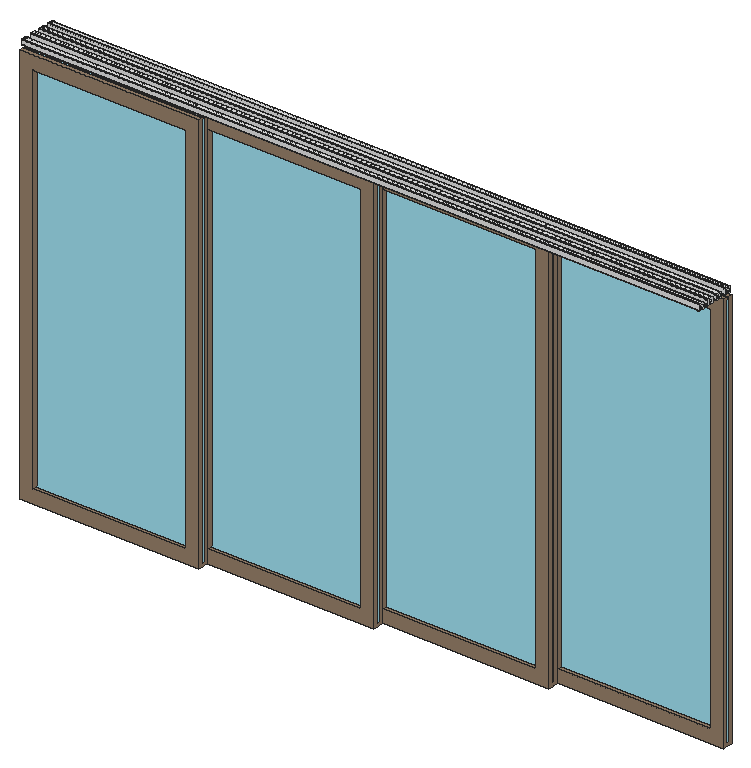
Revit family "Slido 4 Panel Slide SW4 XRDLP", category Doors, host Wall, Revit 2016
Family settings
  Host = Wall
  Always vertical = Yes
  Cut with Voids When Loaded = No
  Shared = No
  Room Calculation Point = No
Parameters (values of type "155"x 94 3/4"")
  URL = "www.raydoor.com"
  Type Image = SW4.jpg
  Thickness = 2 1/4"  # constant formula
  Rough Width = 1"  # constant formula
  Rough Height = 0"  # constant formula
  Model = "SW4"
  Function = Interior
  Door Material = Door - Panel
  Panel Material = Glass, Cast, Gray
  Height = 94 3/4"
  Trim Projection Ext = 63/64"  # constant formula
  Typ = 3"  # constant formula
  Wall Closure = By host
  Width = 155"
  Assembly Code = "SW4 XRDLP"
  Analytic Construction = "<None>"
Reference planes (in)
  plane 1: y = 0
  plane 2: z = 0
  plane 3: x = 0
  plane 4: x = -77.5
  plane 5: x = 77.5
  plane 6: z = 94.75
  plane 7: z = 92.75
  plane 8: x = 0
  plane 9: x = -1.5
  plane 10: x = 0
  plane 11: x = 1.5
  plane 12: x = -76
  plane 13: x = -74.5
  plane 14: x = 36.5
  plane 15: x = 38
  plane 16: x = 39.5
  plane 17: x = 74.5
  plane 18: x = 76
  plane 19: x = -39.5
  plane 20: x = -38
  plane 21: x = -36.5
Forms (in)
  Extrusion 1, solid, material "Door - Panel" <- "Door Material"
    sketch origin (-133.5, -4.68586, 0.25) x (1, 0, 0) y (0, 0, 1)
      loop
        line (94, 92.5) -> (94, 0.5) -> (135, 0.5) -> (135, 92.5) -> (94, 92.5)
      loop
        line (97, 89.5) -> (97, 3.5) -> (132, 3.5) -> (132, 89.5) -> (97, 89.5)
    from -4.54852 to -2.29852
  Extrusion 2, solid, material "Glass, Cast, Gray" <- "Panel Material"
    sketch origin (-97, -15.07076, 0.25) x (1, 0, 0) y (0, 0, 1)
      loop
        line (57.5, 92.5) -> (57.5, 1.375) -> (98.5, 1.375) -> (98.5, 92.5) -> (57.5, 92.5)
    from -13.93178 to -13.68342
  Extrusion 3, solid, material "Door - Panel" <- "Door Material"
    sketch origin (-57, -0.36671, 0.27383) x (1, 0, 0) y (0, 0, 1)
      loop
        line (93.5, 92.47617) -> (93.5, 0.47617) -> (134.5, 0.47617) -> (134.5, 92.47617) -> (93.5, 92.47617)
      loop
        line (96.5, 89.47617) -> (96.5, 3.47617) -> (131.5, 3.47617) -> (131.5, 89.47617) -> (96.5, 89.47617)
    from -5.23602 to -2.98602
  Extrusion 4, solid, material "Glass, Cast, Gray" <- "Panel Material"
    sketch origin (-20, -9.94721, 0.27383) x (1, 0, 0) y (0, 0, 1)
      loop
        line (56.5, 92.47617) -> (56.5, 1.35117) -> (97.5, 1.35117) -> (97.5, 92.47617) -> (56.5, 92.47617)
    from -13.81652 to -13.56816
  Extrusion 5, solid, material "UHMW, White"
    sketch origin (-41.44048, -1.08987, 94.375) x (0, -1, 0) y (1, 0, 0)
      loop
        circle (0.15931, 41.44048) r 0.125
    from -1.625 to 0.375
  Extrusion 6, void
    sketch origin (-97, -14.75826, -91) x (1, 0, 0) y (0, 0, 1)
      loop
        line (57.5, 92.625) -> (57.5, 91.75) -> (98.5, 91.75) -> (98.5, 92.625) -> (57.5, 92.625)
    from -13.61928 to -13.37092
  Extrusion 7, void
    sketch origin (-97, -11.10201, -91) x (1, 0, 0) y (0, 0, 1)
      loop
        line (133.5, 92.625) -> (133.5, 91.75) -> (174.5, 91.75) -> (174.5, 92.625) -> (133.5, 92.625)
    from -14.97133 to -14.72297
  Extrusion 8, solid, material "UHMW, White"
    sketch origin (-79.44047, 4.34113, 94.39883) x (0, -1, 0) y (1, 0, 0)
      loop
        circle (0.59599, 155.44047) r 0.125
    from -1.64883 to 0.35117
  Extrusion 9, solid, material "Door - Panel" <- "Door Material"
    sketch origin (-95, -4, 0.25) x (1, 0, 0) y (0, 0, 1)
      loop
        line (93.5, 92.5) -> (93.5, 0.5) -> (134.5, 0.5) -> (134.5, 92.5) -> (93.5, 92.5)
      loop
        line (96.5, 89.5) -> (96.5, 3.5) -> (131.5, 3.5) -> (131.5, 89.5) -> (96.5, 89.5)
    from -6.375 to -4.125
  Extrusion 10, solid, material "Glass, Cast, Gray" <- "Panel Material"
    sketch origin (-58, -12.26431, 0.25) x (1, 0, 0) y (0, 0, 1)
      loop
        line (56.5, 92.5) -> (56.5, 1.375) -> (97.5, 1.375) -> (97.5, 92.5) -> (56.5, 92.5)
    from -13.62452 to -13.37616
  Extrusion 11, solid, material "UHMW, White"
    sketch origin (0, 42.67102, -8.8393) x (0, 1, 0) y (0, 0, 1)
      loop
        line (-40.90927, 103.5893) -> (-41.93277, 103.5893) -> (-41.93277, 103.50788)
        arc (-41.93277, 103.50788) -> (-41.93277, 103.43259) -> (-41.99798, 103.47023) r 0.04347
        line (-41.99798, 103.47023) -> (-42.03755, 103.47023) -> (-42.03755, 102.31546)
        arc (-42.03755, 102.31546) -> (-42.02627, 102.28823) -> (-41.99904, 102.27695) r 0.03851
        arc (-41.99904, 102.27695) -> (-41.95713, 102.29782) -> (-41.91529, 102.2768) r 0.05233
        line (-41.91529, 102.2768) -> (-41.7174, 102.2768) -> (-41.7174, 102.35673) -> (-41.93475, 102.37574) -> (-41.96636, 102.49373) -> (-41.96636, 103.35416) -> (-41.832, 103.36591) -> (-41.832, 103.49555) -> (-41.65813, 103.49555) -> (-41.65813, 103.39872) -> (-41.59885, 103.39872) -> (-41.59885, 103.49555) -> (-41.24319, 103.49555) -> (-41.24319, 103.39872) -> (-41.18392, 103.39872) -> (-41.18392, 103.49555) -> (-41.01004, 103.49555) -> (-41.01004, 103.36591) -> (-40.87568, 103.35416) -> (-40.87568, 102.49373) -> (-40.90729, 102.37574) -> (-41.12464, 102.35673) -> (-41.12464, 102.27673) -> (-40.92672, 102.27673)
        arc (-40.92672, 102.27673) -> (-40.88484, 102.29771) -> (-40.84295, 102.27673) r 0.0523
        arc (-40.84295, 102.27673) -> (-40.8158, 102.28798) -> (-40.80455, 102.31514) r 0.0384
        line (-40.80455, 102.31514) -> (-40.80455, 103.47023) -> (-40.84407, 103.47023)
        arc (-40.84407, 103.47023) -> (-40.90927, 103.43259) -> (-40.90927, 103.50788) r 0.04347
        line (-40.90927, 103.50788) -> (-40.90927, 103.5893)
    from -77.5 to 77.5
  Extrusion 12, solid, material "UHMW, White"
    sketch origin (-41.44048, 1.65931, 94.375) x (0, -1, 0) y (1, 0, 0)
      loop
        circle (0.40931, 79.44048) r 0.125
    from -1.625 to 0.375
  Extrusion 13, void
    sketch origin (-97, -12.23248, -91) x (1, 0, 0) y (0, 0, 1)
      loop
        line (95.5, 92.625) -> (95.5, 91.75) -> (136.5, 91.75) -> (136.5, 92.625) -> (95.5, 92.625)
    from -13.59269 to -13.34433
  Extrusion 14, solid, material "UHMW, White"
    sketch origin (3, 40.17184, -8.8393) x (0, 1, 0) y (0, 0, 1)
      loop
        line (-41.24319, 103.49555) -> (-41.24319, 103.39872) -> (-41.18392, 103.39872) -> (-41.18392, 103.49555) -> (-41.01004, 103.49555) -> (-41.01004, 103.36591) -> (-40.87568, 103.35416) -> (-40.87568, 102.49373) -> (-40.90729, 102.37574) -> (-41.12464, 102.35673) -> (-41.12464, 102.27673) -> (-40.92672, 102.27673)
        arc (-40.92672, 102.27673) -> (-40.88484, 102.29771) -> (-40.84295, 102.27673) r 0.0523
        arc (-40.84295, 102.27673) -> (-40.8158, 102.28798) -> (-40.80455, 102.31514) r 0.0384
        line (-40.80455, 102.31514) -> (-40.80455, 103.47023) -> (-40.84407, 103.47023)
        arc (-40.84407, 103.47023) -> (-40.90927, 103.43259) -> (-40.90927, 103.50788) r 0.04347
        line (-40.90927, 103.50788) -> (-40.90927, 103.5893) -> (-41.93277, 103.5893) -> (-41.93277, 103.50788)
        arc (-41.93277, 103.50788) -> (-41.93277, 103.43259) -> (-41.99798, 103.47023) r 0.04347
        line (-41.99798, 103.47023) -> (-42.03755, 103.47023) -> (-42.03755, 102.31546)
        arc (-42.03755, 102.31546) -> (-42.02627, 102.28823) -> (-41.99904, 102.27695) r 0.03851
        arc (-41.99904, 102.27695) -> (-41.95713, 102.29782) -> (-41.91529, 102.2768) r 0.05233
        line (-41.91529, 102.2768) -> (-41.7174, 102.2768) -> (-41.7174, 102.35673) -> (-41.93475, 102.37574) -> (-41.96636, 102.49373) -> (-41.96636, 103.35416) -> (-41.832, 103.36591) -> (-41.832, 103.49555) -> (-41.65813, 103.49555) -> (-41.65813, 103.39872) -> (-41.59885, 103.39872) -> (-41.59885, 103.49555) -> (-41.24319, 103.49555)
    from -80.5 to 74.5
  Extrusion 15, solid, material "UHMW, White"
    sketch origin (3, 37.6595, -8.8393) x (0, 1, 0) y (0, 0, 1)
      loop
        line (-41.24556, 103.49555) -> (-41.24556, 103.39869) -> (-41.18629, 103.39869) -> (-41.18629, 103.49552) -> (-41.01241, 103.49552) -> (-41.01241, 103.36588) -> (-40.87805, 103.35412) -> (-40.87805, 102.4937) -> (-40.90967, 102.37571) -> (-41.12701, 102.3567) -> (-41.12701, 102.2767) -> (-40.9291, 102.2767)
        arc (-40.9291, 102.2767) -> (-40.88721, 102.29768) -> (-40.84532, 102.2767) r 0.0523
        arc (-40.84532, 102.2767) -> (-40.81817, 102.28795) -> (-40.80692, 102.3151) r 0.0384
        line (-40.80692, 102.3151) -> (-40.80692, 103.4702) -> (-40.84644, 103.4702)
        arc (-40.84644, 103.4702) -> (-40.91164, 103.43255) -> (-40.91164, 103.50785) r 0.04347
        line (-40.91164, 103.50785) -> (-40.91164, 103.5893) -> (-41.93514, 103.5893) -> (-41.93514, 103.50785)
        arc (-41.93514, 103.50785) -> (-41.93514, 103.43255) -> (-42.00035, 103.4702) r 0.04347
        line (-42.00035, 103.4702) -> (-42.03992, 103.4702) -> (-42.03992, 102.31542)
        arc (-42.03992, 102.31542) -> (-42.02864, 102.28819) -> (-42.00141, 102.27691) r 0.03851
        arc (-42.00141, 102.27691) -> (-41.9595, 102.29779) -> (-41.91766, 102.27677) r 0.05233
        line (-41.91766, 102.27677) -> (-41.71977, 102.27677) -> (-41.71977, 102.3567) -> (-41.93712, 102.37571) -> (-41.96873, 102.4937) -> (-41.96873, 103.35412) -> (-41.83438, 103.36588) -> (-41.83438, 103.49552) -> (-41.6605, 103.49552) -> (-41.6605, 103.39869) -> (-41.60122, 103.39869) -> (-41.60122, 103.49555) -> (-41.24556, 103.49555)
    from -80.5 to 74.5
  Extrusion 16, solid, material "Door - Panel" <- "Door Material"
    sketch origin (-171.875, -7.15616, 0.25) x (1, 0, 0) y (0, 0, 1)
      loop
        line (94.375, 92.5) -> (94.375, 0.5) -> (135.375, 0.5) -> (135.375, 92.5) -> (94.375, 92.5)
      loop
        line (97.375, 89.5) -> (97.375, 3.5) -> (132.375, 3.5) -> (132.375, 89.5) -> (97.375, 89.5)
    from -4.54852 to -2.29852
  Extrusion 17, solid, material "Glass, Cast, Gray" <- "Panel Material"
    sketch origin (-135.375, -17.54106, 0.25) x (1, 0, 0) y (0, 0, 1)
      loop
        line (57.875, 92.5) -> (57.875, 1.375) -> (98.875, 1.375) -> (98.875, 92.5) -> (57.875, 92.5)
    from -13.93178 to -13.68342
  Extrusion 18, void
    sketch origin (-135.375, -17.22856, -91) x (1, 0, 0) y (0, 0, 1)
      loop
        line (57.875, 92.625) -> (57.875, 91.75) -> (98.875, 91.75) -> (98.875, 92.625) -> (57.875, 92.625)
    from -13.61928 to -13.37092
  Extrusion 19, solid, material "UHMW, White"
    sketch origin (0, 45.16616, -8.8393) x (0, 1, 0) y (0, 0, 1)
      loop
        line (-40.90927, 103.5893) -> (-41.93277, 103.5893) -> (-41.93277, 103.50788)
        arc (-41.93277, 103.50788) -> (-41.93277, 103.43259) -> (-41.99798, 103.47023) r 0.04347
        line (-41.99798, 103.47023) -> (-42.03755, 103.47023) -> (-42.03755, 102.31546)
        arc (-42.03755, 102.31546) -> (-42.02627, 102.28823) -> (-41.99904, 102.27695) r 0.03851
        arc (-41.99904, 102.27695) -> (-41.95713, 102.29782) -> (-41.91529, 102.2768) r 0.05233
        line (-41.91529, 102.2768) -> (-41.7174, 102.2768) -> (-41.7174, 102.35673) -> (-41.93475, 102.37574) -> (-41.96636, 102.49373) -> (-41.96636, 103.35416) -> (-41.832, 103.36591) -> (-41.832, 103.49555) -> (-41.65813, 103.49555) -> (-41.65813, 103.39872) -> (-41.59885, 103.39872) -> (-41.59885, 103.49555) -> (-41.24319, 103.49555) -> (-41.24319, 103.39872) -> (-41.18392, 103.39872) -> (-41.18392, 103.49555) -> (-41.01004, 103.49555) -> (-41.01004, 103.36591) -> (-40.87568, 103.35416) -> (-40.87568, 102.49373) -> (-40.90729, 102.37574) -> (-41.12464, 102.35673) -> (-41.12464, 102.27673) -> (-40.92672, 102.27673)
        arc (-40.92672, 102.27673) -> (-40.88484, 102.29771) -> (-40.84295, 102.27673) r 0.0523
        arc (-40.84295, 102.27673) -> (-40.8158, 102.28798) -> (-40.80455, 102.31514) r 0.0384
        line (-40.80455, 102.31514) -> (-40.80455, 103.47023) -> (-40.84407, 103.47023)
        arc (-40.84407, 103.47023) -> (-40.90927, 103.43259) -> (-40.90927, 103.50788) r 0.04347
        line (-40.90927, 103.50788) -> (-40.90927, 103.5893)
    from -77.5 to 77.5
  Extrusion 20, solid, material "UHMW, White"
    sketch origin (-41.44048, -3.55935, 94.375) x (0, -1, 0) y (1, 0, 0)
      loop
        circle (0.16448, 3.44048) r 0.125
    from -1.625 to 0.375
  Extrusion 21, solid, material "UHMW, White"
    sketch origin (-41.44048, -6.02965, 94.375) x (0, -1, 0) y (1, 0, 0)
      loop
        circle (-2.29619, 3.44048) r 0.125
    from -1.625 to 0.375
Cuts and joins
  Extrusion 6, Extrusion 18 cuts Extrusion 1
  Extrusion 7 cuts Extrusion 3
  Extrusion 13 cuts Extrusion 9
  Extrusion 13 cuts Extrusion 10
  Extrusion 18 cuts Extrusion 2
  Extrusion 18 cuts Extrusion 16
  Extrusion 18 cuts Extrusion 17
Lines and regions (in)
  Opening 1
    outline origin (-60, -5.625, 144) x (0, 0, -1) y (1, 0, 0)
      loop
        line (49.25, -17.5) -> (144, -17.5) -> (144, 137.5) -> (49.25, 137.5) -> (49.25, -17.5)
  Masking region 1
    outline origin (0, -1.25, 0) x (1, 0, 0) y (0, 1, 0)
      loop
        line (77.5, -1.13734) -> (77.5, 1.11266) -> (36.5, 1.11266) -> (36.5, -1.13734) -> (77.5, -1.13734)
  Masking region 2
    outline origin (0, 2.70109, 0) x (1, 0, 0) y (0, 1, 0)
      loop
        line (77.5, -0.08177) -> (77.5, 2.16823) -> (36.5, 2.16823) -> (36.5, -0.08177) -> (77.5, -0.08177)
  Masking region 3
    outline origin (0, 1.25, 0) x (1, 0, 0) y (0, 1, 0)
      loop
        line (77.5, -1.125) -> (77.5, 1.125) -> (36.5, 1.125) -> (36.5, -1.125) -> (77.5, -1.125)
  Masking region 4
    outline origin (0, -4.01234, 0) x (1, 0, 0) y (0, 1, 0)
      loop
        line (77.5, -0.8453) -> (77.5, 1.4047) -> (36.5, 1.4047) -> (36.5, -0.8453) -> (77.5, -0.8453)
  symbolic lines, style "Elevation Swing"
    curve 1: line (6.49999, 0, 38.12969) -> (31.5, 0, 38.12969)
    curve 2: line (31.5, 0, 32.93892) -> (6.49999, 0, 32.93892)
    curve 3: line (6.49999, 0, 38.12969) -> (10.02765, 0, 41.66522)
    curve 4: line (27.95659, 0, 29.40338) -> (31.5, 0, 32.93892)
    curve 13: line (-31.50001, 0, 38.12969) -> (-6.5, 0, 38.12969)
    curve 14: line (-6.5, 0, 32.93892) -> (-31.50001, 0, 32.93892)
    curve 15: line (-31.50001, 0, 38.12969) -> (-27.97235, 0, 41.66522)
    curve 16: line (-10.04341, 0, 29.40338) -> (-6.5, 0, 32.93892)
    curve 25: line (-69.50001, 0, 38.12969) -> (-44.5, 0, 38.12969)
    curve 26: line (-44.5, 0, 32.93892) -> (-69.50001, 0, 32.93892)
    curve 27: line (-69.50001, 0, 38.12969) -> (-65.97235, 0, 41.66522)
    curve 28: line (-48.04341, 0, 29.40338) -> (-44.5, 0, 32.93892)
    curve 29: line (44.49999, 0, 38.12969) -> (69.5, 0, 38.12969)
    curve 30: line (69.5, 0, 32.93892) -> (44.49999, 0, 32.93892)
    curve 31: line (44.49999, 0, 38.12969) -> (48.02765, 0, 41.66522)
    curve 32: line (65.95659, 0, 29.40338) -> (69.5, 0, 32.93892)
  symbolic lines, style "DoorsHiddenLines"
    curve 5: line (77.5, 2.61932, 0) -> (-77.5, 2.61932, 0)
    curve 6: line (77.5, 4.86932, 0) -> (-77.5, 4.86932, 0)
    curve 7: line (77.5, -2.38734, 0) -> (-77.5, -2.38734, 0)
    curve 8: line (77.5, -0.13734, 0) -> (-77.5, -0.13734, 0)
    curve 9: line (77.5, 2.375, 0) -> (-77.5, 2.375, 0)
    curve 10: line (77.5, 0.125, 0) -> (-77.5, 0.125, 0)
    curve 11: line (77.5, -4.85764, 0) -> (-77.5, -4.85764, 0)
    curve 12: line (77.5, -2.60764, 0) -> (-77.5, -2.60764, 0)
  symbolic lines, style "Plan Swing"
    curve 17: line (-16, -13.05364, 0) -> (-26, -13.05364, 0)
    curve 18: line (-26, -13.05364, 0) -> (-23.87868, -10.93232, 0)
    curve 19: line (-16, -14.57263, 0) -> (-26, -14.57263, 0)
    curve 20: line (-18.12132, -16.69395, 0) -> (-16, -14.57263, 0)
    curve 21: line (26, -13.05364, 0) -> (16, -13.05364, 0)
    curve 22: line (16, -13.05364, 0) -> (18.12132, -10.93232, 0)
    curve 23: line (26, -14.57263, 0) -> (16, -14.57263, 0)
    curve 24: line (23.87868, -16.69395, 0) -> (26, -14.57263, 0)
Dimensions and locks (in)
  equal spacing: plane 4, plane 3, plane 5
  "Width": plane 4 to plane 5
  "Height": plane 6 to level
  "Typ": Extrusion 1 sketch curve to Extrusion 1 sketch curve  (x2)
  locked: Extrusion 2 to Extrusion 2 at 0.24836
  "Thickness": Extrusion 1 to Extrusion 1
  locked: Extrusion 1 to Extrusion 2 at 1.00164
  locked: Extrusion 2 to Extrusion 1 at 1
  "Typ": Extrusion 3 sketch curve to Extrusion 3 sketch curve  (x2)
  locked: Extrusion 4 to Extrusion 4 at 0.24836
  locked: Extrusion 4 to Extrusion 3 at 1.00164
  locked: Extrusion 3 to Extrusion 4 at 1
  "Thickness": Extrusion 3 to Extrusion 3
  plane 6 to plane 7 = 2"
  locked: plane 8 to Extrusion 5 sketch curve at 0.125
  locked: Extrusion 1 to Extrusion 2 sketch curve at 0.875
  locked: Extrusion 3 to Extrusion 4 sketch curve at 0.875
  "Typ": plane 9 to plane 11
  equal spacing: plane 9, plane 10, plane 11, locked at 1.5 each
  "Typ": plane 4 to plane 13
  equal spacing: plane 4, plane 12, plane 13, locked at 1.5 each
  "Typ": plane 14 to plane 16
  equal spacing: plane 14, plane 15, plane 16, locked at 1.5 each
  "Typ": plane 17 to plane 5
  equal spacing: plane 17, plane 18, plane 5, locked at 1.5 each
  Extrusion 5 sketch curve to host wall = 1.37418"
  "Thickness": Masking region 1 sketch curve to Masking region 1 sketch curve
  "Typ": plane 19 to plane 21
  equal spacing: plane 19, plane 20, plane 21, locked at 1.5 each
  "Typ": Extrusion 9 sketch curve to Extrusion 9 sketch curve  (x2)
  locked: Extrusion 10 to Extrusion 10 at 0.24836
  locked: Extrusion 10 to Extrusion 9 at 0.98684
  locked: Extrusion 9 to Extrusion 10 at 1.0148
  "Thickness": Extrusion 9 to Extrusion 9
  locked: cut or joined group of Extrusion 3, Extrusion 7 to cut or joined group of Extrusion 9, Extrusion 13 at 0.24432
  locked: cut or joined group of Extrusion 9, Extrusion 13 to cut or joined group of Extrusion 1, Extrusion 6, Extrusion 18 at 0.26234
  locked: plane 17 to Extrusion 8 sketch curve at 1.625
  "Typ": Extrusion 16 sketch curve to Extrusion 16 sketch curve  (x2)
  locked: Extrusion 17 to Extrusion 17 at 0.24836
  "Thickness": Extrusion 16 to Extrusion 16
  locked: Extrusion 16 to Extrusion 17 at 1.00164
  locked: Extrusion 17 to Extrusion 16 at 1
  Extrusion 16 to Extrusion 17 sketch curve = 7/8"
  locked: cut or joined group of Extrusion 1, Extrusion 6, Extrusion 18 to cut or joined group of Extrusion 16, Extrusion 18 at 0.2203
  equal spacing: plane 12, plane 20, plane 10, plane 15, plane 18
  locked: Extrusion 12 sketch curve to plane 16 at 1.375
  locked: Extrusion 20 sketch curve to plane 21 at 1.375
  locked: Extrusion 20 sketch curve to curve 11 at 1.00881
  locked: plane 19 to Extrusion 21 sketch curve at 1.375
  locked: Extrusion 21 sketch curve to curve 11 at 0.99918
  locked: Extrusion 8 sketch curve to curve 5 at 1.00082
  plane 7 to plane 6 = 2"
  cut or joined group of Extrusion 16, Extrusion 18 to plane 2 = 3/4"
  Extrusion 19 to Extrusion 19 = 1.233"
  Extrusion 11 to Extrusion 11 = 1.233"
  Extrusion 14 to Extrusion 14 = 1.233"
  Extrusion 15 to Extrusion 15 = 1.233"
  Extrusion 15 to plane 6 = 1.31253"
  cut or joined group of Extrusion 3, Extrusion 7 to cut or joined group of Extrusion 3, Extrusion 7 = 2 1/4"
  cut or joined group of Extrusion 9, Extrusion 13 to cut or joined group of Extrusion 9, Extrusion 13 = 2 1/4"
  cut or joined group of Extrusion 1, Extrusion 6, Extrusion 18 to cut or joined group of Extrusion 1, Extrusion 6, Extrusion 18 = 2 1/4"
  cut or joined group of Extrusion 16, Extrusion 18 to cut or joined group of Extrusion 16, Extrusion 18 = 2 1/4"
  cut or joined group of Extrusion 3, Extrusion 7 to cut or joined group of Extrusion 16, Extrusion 18 = 9.72695"
  locked: curve 12 to curve 11 at 2.25
  locked: curve 6 to curve 5 at 2.25
  radius of Extrusion 5 sketch curve = 1/8"
  radius of Extrusion 8 sketch curve = 1/8"
  diameter of Extrusion 12 sketch curve = 1/4"
  radius of Extrusion 20 sketch curve = 1/8"
  radius of Extrusion 21 sketch curve = 1/8"
  aligned and locked: Opening 1 sketch curve to plane 5
  aligned and locked: Opening 1 sketch curve to plane 4
  aligned and locked: Extrusion 1 to Extrusion 2  (x2)
  aligned and locked: Extrusion 3 to Extrusion 4
  aligned and locked: Extrusion 4 to Extrusion 3
  aligned and locked: plane 7 to Extrusion 3
  aligned and locked: Extrusion 6 to Extrusion 2  (x2)
  aligned and locked: Extrusion 2 to Extrusion 6
  aligned and locked: Extrusion 3 to Extrusion 7  (x2)
  aligned and locked: Extrusion 7 to Extrusion 4  (x2)
  aligned and locked: Extrusion 4 to Extrusion 7
  aligned and locked: Extrusion 5 to plane 7
  aligned and locked: cut or joined group of Extrusion 1, Extrusion 6, Extrusion 18 to plane 9
  aligned and locked: plane 11 to cut or joined group of Extrusion 1, Extrusion 6, Extrusion 18
  aligned and locked: Masking region 1 to plane 5
  aligned and locked: cut or joined group of Extrusion 3, Extrusion 7 to plane 14
  aligned and locked: plane 16 to cut or joined group of Extrusion 3, Extrusion 7
  aligned and locked: Masking region 2 sketch curve to curve 6
  aligned and locked: curve 7 to cut or joined group of Extrusion 1, Extrusion 6, Extrusion 18
  aligned and locked: plane 8 to plane 10
  aligned and locked: plane 7 to cut or joined group of Extrusion 1, Extrusion 6, Extrusion 18
  aligned and locked: plane 6 to Opening 1 sketch curve
  aligned and locked: Extrusion 5 to plane 6
  aligned and locked: cut or joined group of Extrusion 3, Extrusion 7 to Masking region 2
  aligned and locked: Extrusion 9 to Extrusion 10
  aligned and locked: Extrusion 12 to Extrusion 9
  aligned and locked: Extrusion 13 to Extrusion 9
  aligned and locked: Extrusion 13 to Extrusion 10  (x2)
  aligned and locked: Extrusion 10 to Extrusion 13
  aligned and locked: Masking region 3 to curve 10
  aligned and locked: Masking region 3 to curve 9
  aligned and locked: plane 21 to cut or joined group of Extrusion 1, Extrusion 6, Extrusion 18
  aligned and locked: cut or joined group of Extrusion 1, Extrusion 6, Extrusion 18 to plane 19
  aligned and locked: Extrusion 2 to plane 19
  aligned and locked: Extrusion 1 to Extrusion 6  (x2)
  aligned and locked: plane 4 to Extrusion 14
  aligned and locked: Extrusion 14 to plane 5
  aligned and locked: Extrusion 15 to plane 5
  aligned and locked: plane 4 to Extrusion 15
  aligned and locked: Extrusion 16 to Extrusion 17
  aligned and locked: Extrusion 18 to Extrusion 17  (x2)
  aligned and locked: Extrusion 17 to Extrusion 18
  aligned and locked: Extrusion 13 to cut or joined group of Extrusion 3, Extrusion 7
  aligned and locked: plane 16 to cut or joined group of Extrusion 10, Extrusion 13
  aligned and locked: plane 16 to cut or joined group of Extrusion 9, Extrusion 13
  aligned and locked: cut or joined group of Extrusion 9, Extrusion 13 to plane 14
  aligned and locked: Extrusion 13 to cut or joined group of Extrusion 1, Extrusion 6, Extrusion 18
  aligned and locked: cut or joined group of Extrusion 10, Extrusion 13 to plane 9
  aligned and locked: cut or joined group of Extrusion 9, Extrusion 13 to plane 9
  aligned and locked: plane 11 to cut or joined group of Extrusion 9, Extrusion 13
  aligned and locked: cut or joined group of Extrusion 16, Extrusion 18 to plane 19
  aligned and locked: plane 7 to cut or joined group of Extrusion 9, Extrusion 13
  aligned and locked: Extrusion 8 to plane 6
  aligned and locked: Extrusion 8 to plane 7
  aligned and locked: Extrusion 12 to plane 6
  aligned and locked: plane 4 to Extrusion 11
  aligned and locked: Extrusion 11 to plane 5
  aligned and locked: Extrusion 19 to plane 5
  aligned and locked: plane 4 to Extrusion 19
  aligned and locked: Extrusion 20 to plane 7
  aligned and locked: Extrusion 20 to plane 6
  aligned and locked: Masking region 4 sketch curve to curve 12
  aligned and locked: Masking region 4 to curve 11
  aligned and locked: plane 21 to cut or joined group of Extrusion 16, Extrusion 18
  aligned and locked: Extrusion 21 to plane 6
  aligned and locked: Extrusion 21 to plane 7
  aligned and locked: Masking region 2 to plane 5
  aligned and locked: Extrusion 4 to plane 5
  aligned and locked: Extrusion 3 to plane 17
  aligned and locked: cut or joined group of Extrusion 3, Extrusion 7 to plane 5
  aligned and locked: Masking region 4 to plane 14
  aligned and locked: Masking region 1 to plane 14
  aligned and locked: Masking region 3 to plane 14
  aligned and locked: Masking region 2 to plane 14
  aligned and locked: cut or joined group of Extrusion 16, Extrusion 18 to Extrusion 18  (x2)
  aligned and locked: plane 4 to cut or joined group of Extrusion 16, Extrusion 18
  aligned and locked: plane 4 to cut or joined group of Extrusion 17, Extrusion 18
  aligned and locked: plane 13 to cut or joined group of Extrusion 16, Extrusion 18
  aligned and locked: level to plane 2
Automatic sketch dimensions
  plane 16 to curve 29 = 5"
  level to curve 29 = 38.12969"
  plane 21 to curve 13 = 5"
  level to curve 13 = 38.12969"
  plane 11 to curve 3 = 5"
  curve 3 to curve 13 = 0"
  plane 13 to curve 27 = 5"
  curve 27 to curve 13 = 0"
  curve 16 to plane 9 = 5"
  curve 13 to curve 16 = 5.19077"
  curve 1 to curve 2 = 5.19077"
  curve 25 to curve 26 = 5.19077"
  curve 29 to curve 30 = 5.19077"
  curve 26 to plane 19 = 5"
  curve 2 to plane 14 = 5"
  curve 30 to plane 17 = 5"
  plane 13 to curve 27 = 8.52765"
  curve 27 to curve 25 = 3.53553"
  plane 16 to curve 31 = 8.52765"
  curve 31 to curve 29 = 3.53553"
  plane 11 to curve 3 = 8.52765"
  curve 3 to curve 1 = 3.53553"
  plane 21 to curve 15 = 8.52765"
  curve 15 to curve 13 = 3.53553"
  curve 16 to plane 9 = 8.54341"
  curve 14 to curve 16 = 3.53553"
  curve 32 to plane 17 = 8.54341"
  curve 30 to curve 32 = 3.53553"
  curve 28 to plane 19 = 8.54341"
  curve 26 to curve 28 = 3.53553"
  curve 4 to plane 14 = 8.54341"
  curve 2 to curve 4 = 3.53553"
  plane 13 to curve 26 = 5"
  curve 25 to plane 19 = 5"
  plane 21 to curve 14 = 5"
  curve 13 to plane 9 = 5"
  plane 11 to curve 2 = 5"
  curve 1 to plane 14 = 5"
  plane 16 to curve 30 = 5"
  curve 29 to plane 17 = 5"
  Opening 1 sketch curve to level = 0"
  Extrusion 2 sketch curve to plane 19 = 0"
  Extrusion 2 sketch curve to plane 11 = 0"
  Extrusion 2 sketch curve to plane 7 = 0"
  Masking region 1 sketch curve to plane 14 = 0"
  Masking region 1 sketch curve to plane 5 = 0"
  host wall to Masking region 1 sketch curve = 2.38734"
  Masking region 2 sketch curve to plane 14 = 0"
  Masking region 2 sketch curve to plane 5 = 0"
  Masking region 2 sketch curve to Masking region 2 sketch curve = 2 1/4"
  Extrusion 4 sketch curve to plane 14 = 0"
  plane 5 to Extrusion 4 sketch curve = 0"
  Extrusion 4 sketch curve to plane 7 = 0"
  Extrusion 6 sketch curve to plane 19 = 0"
  Extrusion 6 sketch curve to plane 11 = 0"
  level to Extrusion 6 sketch curve = 3/4"
  Extrusion 6 sketch curve to Extrusion 6 sketch curve = 7/8"
  Extrusion 7 sketch curve to plane 14 = 0"
  plane 5 to Extrusion 7 sketch curve = 0"
  level to Extrusion 7 sketch curve = 3/4"
  Extrusion 7 sketch curve to Extrusion 7 sketch curve = 7/8"
  Extrusion 10 sketch curve to plane 9 = 0"
  Extrusion 10 sketch curve to plane 16 = 0"
  Extrusion 10 sketch curve to plane 7 = 0"
  level to Extrusion 10 sketch curve = 1 5/8"
  Masking region 3 sketch curve to plane 14 = 0"
  Masking region 3 sketch curve to plane 5 = 0"
  Masking region 3 sketch curve to host wall = 1/8"
  Masking region 3 sketch curve to Masking region 3 sketch curve = 2 1/4"
  plane 6 to Extrusion 11 sketch curve = 0"
  Extrusion 11 sketch curve to host wall = 0.63347"
  Extrusion 11 sketch curve to Extrusion 11 sketch curve = 0.03851"
  Extrusion 11 sketch curve to Extrusion 11 sketch curve = 0.03957"
  plane 6 to Extrusion 11 sketch curve = 0.23515"  (x2)
  Extrusion 11 sketch curve to Extrusion 11 sketch curve = 0.03161"
  Extrusion 11 sketch curve to Extrusion 11 sketch curve = 0.04182"
  Extrusion 11 sketch curve to Extrusion 11 sketch curve = 0.04347"  (x2)
  Extrusion 11 sketch curve to Extrusion 11 sketch curve = 0.06429"
  Extrusion 11 sketch curve to Extrusion 11 sketch curve = 0.02173"  (x2)
  Extrusion 11 sketch curve to Extrusion 11 sketch curve = 0.04193"
  Extrusion 11 sketch curve to Extrusion 11 sketch curve = 0.13436"
  Extrusion 11 sketch curve to Extrusion 11 sketch curve = 0.19789"
  Extrusion 11 sketch curve to Extrusion 11 sketch curve = 0.17388"  (x2)
  Extrusion 11 sketch curve to Extrusion 11 sketch curve = 0.05928"  (x2)
  Extrusion 11 sketch curve to Extrusion 11 sketch curve = 0.35566"
  plane 7 to Extrusion 11 sketch curve = 0.76742"
  Extrusion 11 sketch curve to Extrusion 11 sketch curve = 0.59276"
  Extrusion 11 sketch curve to Extrusion 11 sketch curve = 0.19792"
  Extrusion 11 sketch curve to Extrusion 11 sketch curve = 0.10077"
  plane 7 to Extrusion 11 sketch curve = 0.78644"
  Extrusion 11 sketch curve to Extrusion 11 sketch curve = 0.01943"
  Extrusion 11 sketch curve to Extrusion 11 sketch curve = 0.04189"  (x2)
  Extrusion 11 sketch curve to Extrusion 11 sketch curve = 0.01186"
  Extrusion 11 sketch curve to Extrusion 11 sketch curve = 0.0384"
  plane 7 to Extrusion 11 sketch curve = 0.72615"
  Extrusion 11 sketch curve to Extrusion 11 sketch curve = 0.06061"
  Extrusion 11 sketch curve to Extrusion 11 sketch curve = 0.00014"
  Extrusion 11 sketch curve to Extrusion 11 sketch curve = 0.03133"
  Extrusion 11 sketch curve to Extrusion 11 sketch curve = 0.07992"
  Extrusion 11 sketch curve to Extrusion 11 sketch curve = 0.06029"
  Extrusion 11 sketch curve to Extrusion 11 sketch curve = 0.11799"  (x2)
  Extrusion 11 sketch curve to Extrusion 11 sketch curve = 0.01175"  (x2)
  Extrusion 11 sketch curve to Extrusion 11 sketch curve = 0.03281"  (x2)
  plane 6 to Extrusion 11 sketch curve = 0.11907"
  Extrusion 11 sketch curve to Extrusion 11 sketch curve = 0.11608"
  plane 6 to Extrusion 11 sketch curve = 3/32"  (x2)
  Extrusion 11 sketch curve to Extrusion 11 sketch curve = 0"
  Extrusion 12 sketch curve to host wall = 1 1/4"
  Extrusion 13 sketch curve to plane 9 = 0"
  Extrusion 13 sketch curve to plane 16 = 0"
  level to Extrusion 13 sketch curve = 3/4"
  Extrusion 13 sketch curve to Extrusion 13 sketch curve = 7/8"
  Masking region 4 sketch curve to plane 14 = 0"
  Masking region 4 sketch curve to plane 5 = 0"
  Masking region 4 sketch curve to host wall = 0.76736"
  plane 6 to Extrusion 14 sketch curve = 0"
  plane 6 to Extrusion 14 sketch curve = 0.11907"
  host wall to Extrusion 14 sketch curve = 1.86571"
  Extrusion 14 sketch curve to Extrusion 14 sketch curve = 0.03851"
  Extrusion 14 sketch curve to Extrusion 14 sketch curve = 0.03957"
  Extrusion 14 sketch curve to Extrusion 14 sketch curve = 0.03268"
  Extrusion 14 sketch curve to Extrusion 14 sketch curve = 0.04182"
  Extrusion 14 sketch curve to Extrusion 14 sketch curve = 0.04347"  (x2)
  plane 7 to Extrusion 14 sketch curve = 0.78644"
  Extrusion 14 sketch curve to Extrusion 14 sketch curve = 0.06429"
  Extrusion 14 sketch curve to Extrusion 14 sketch curve = 0.02173"  (x2)
  Extrusion 14 sketch curve to Extrusion 14 sketch curve = 0.04193"
  Extrusion 14 sketch curve to Extrusion 14 sketch curve = 0.10077"  (x2)
  plane 7 to Extrusion 14 sketch curve = 0.76742"
  Extrusion 14 sketch curve to Extrusion 14 sketch curve = 0.19789"
  Extrusion 14 sketch curve to Extrusion 14 sketch curve = 0.17388"  (x2)
  Extrusion 14 sketch curve to Extrusion 14 sketch curve = 0.05928"  (x2)
  plane 6 to Extrusion 14 sketch curve = 3/32"  (x3)
  Extrusion 14 sketch curve to Extrusion 14 sketch curve = 0.35566"
  Extrusion 14 sketch curve to Extrusion 14 sketch curve = 0.59276"
  plane 6 to Extrusion 14 sketch curve = 0.22339"
  Extrusion 14 sketch curve to Extrusion 14 sketch curve = 0.19792"
  Extrusion 14 sketch curve to Extrusion 14 sketch curve = 0.01943"
  Extrusion 14 sketch curve to Extrusion 14 sketch curve = 0.04189"  (x2)
  Extrusion 14 sketch curve to Extrusion 14 sketch curve = 0.03161"
  Extrusion 14 sketch curve to Extrusion 14 sketch curve = 0.03952"
  Extrusion 14 sketch curve to Extrusion 14 sketch curve = 0"
  Extrusion 14 sketch curve to Extrusion 14 sketch curve = 0.06029"
  Extrusion 14 sketch curve to Extrusion 14 sketch curve = 0.04159"
  Extrusion 14 sketch curve to Extrusion 14 sketch curve = 0.07992"
  Extrusion 14 sketch curve to Extrusion 14 sketch curve = 0.03133"
  Extrusion 14 sketch curve to Extrusion 14 sketch curve = 0.06061"
  Extrusion 14 sketch curve to Extrusion 14 sketch curve = 0.11799"  (x2)
  Extrusion 14 sketch curve to Extrusion 14 sketch curve = 0.11608"  (x2)
  Extrusion 14 sketch curve to Extrusion 14 sketch curve = 0.01175"  (x2)
  Extrusion 14 sketch curve to Extrusion 14 sketch curve = 0.09683"  (x2)
  plane 4 to Extrusion 17 sketch curve = 0"
  Extrusion 17 sketch curve to plane 21 = 0"
  Extrusion 17 sketch curve to plane 7 = 0"
  plane 4 to Extrusion 18 sketch curve = 0"
  Extrusion 18 sketch curve to plane 21 = 0"
  level to Extrusion 18 sketch curve = 3/4"
  Extrusion 18 sketch curve to Extrusion 18 sketch curve = 7/8"
  plane 6 to Extrusion 19 sketch curve = 0"
  plane 7 to Extrusion 19 sketch curve = 0.72615"
  Extrusion 19 sketch curve to host wall = 2.49639"
  Extrusion 19 sketch curve to Extrusion 19 sketch curve = 0.03851"
  Extrusion 19 sketch curve to Extrusion 19 sketch curve = 0.03957"
  plane 6 to Extrusion 19 sketch curve = 0.23515"  (x2)
  Extrusion 19 sketch curve to Extrusion 19 sketch curve = 0.03161"
  Extrusion 19 sketch curve to Extrusion 19 sketch curve = 0.04182"
  Extrusion 19 sketch curve to Extrusion 19 sketch curve = 0.04347"  (x2)
  plane 7 to Extrusion 19 sketch curve = 0.78644"
  Extrusion 19 sketch curve to Extrusion 19 sketch curve = 0.06429"
  Extrusion 19 sketch curve to Extrusion 19 sketch curve = 0.02173"  (x2)
  Extrusion 19 sketch curve to Extrusion 19 sketch curve = 0.04193"
  Extrusion 19 sketch curve to Extrusion 19 sketch curve = 0.13436"
  Extrusion 19 sketch curve to Extrusion 19 sketch curve = 0.19789"
  Extrusion 19 sketch curve to Extrusion 19 sketch curve = 0.17388"  (x2)
  Extrusion 19 sketch curve to Extrusion 19 sketch curve = 0.05928"  (x2)
  Extrusion 19 sketch curve to Extrusion 19 sketch curve = 0.35566"
  plane 7 to Extrusion 19 sketch curve = 0.76742"
  Extrusion 19 sketch curve to Extrusion 19 sketch curve = 0.59276"
  Extrusion 19 sketch curve to Extrusion 19 sketch curve = 0.19792"
  Extrusion 19 sketch curve to Extrusion 19 sketch curve = 0.10077"
  Extrusion 19 sketch curve to Extrusion 19 sketch curve = 0.01943"
  Extrusion 19 sketch curve to Extrusion 19 sketch curve = 0.04189"  (x2)
  Extrusion 19 sketch curve to Extrusion 19 sketch curve = 0.01186"
  Extrusion 19 sketch curve to Extrusion 19 sketch curve = 0.0384"
  Extrusion 19 sketch curve to Extrusion 19 sketch curve = 0.09894"
  Extrusion 19 sketch curve to Extrusion 19 sketch curve = 0.08"
  Extrusion 19 sketch curve to Extrusion 19 sketch curve = 0.03133"
  Extrusion 19 sketch curve to Extrusion 19 sketch curve = 0.07992"
  Extrusion 19 sketch curve to Extrusion 19 sketch curve = 0.06061"
  Extrusion 19 sketch curve to Extrusion 19 sketch curve = 0.11799"  (x2)
  Extrusion 19 sketch curve to Extrusion 19 sketch curve = 0.01175"  (x2)
  Extrusion 19 sketch curve to Extrusion 19 sketch curve = 0.03281"  (x2)
  plane 6 to Extrusion 19 sketch curve = 0.11907"
  Extrusion 19 sketch curve to Extrusion 19 sketch curve = 0.11608"
  plane 6 to Extrusion 19 sketch curve = 3/32"  (x2)
  Extrusion 19 sketch curve to Extrusion 19 sketch curve = 0"
  Extrusion 15 sketch curve to host wall = 1.24458"
  Extrusion 15 sketch curve to Extrusion 15 sketch curve = 0.03851"
  Extrusion 15 sketch curve to Extrusion 15 sketch curve = 0.03957"
  Extrusion 15 sketch curve to Extrusion 15 sketch curve = 0.03268"
  Extrusion 15 sketch curve to Extrusion 15 sketch curve = 0.04182"
  Extrusion 15 sketch curve to Extrusion 15 sketch curve = 0.04347"  (x2)
  Extrusion 15 sketch curve to Extrusion 15 sketch curve = 0.06429"
  Extrusion 15 sketch curve to Extrusion 15 sketch curve = 0.02173"  (x2)
  Extrusion 15 sketch curve to Extrusion 15 sketch curve = 0.04193"
  Extrusion 15 sketch curve to Extrusion 15 sketch curve = 0.10077"  (x2)
  Extrusion 15 sketch curve to Extrusion 15 sketch curve = 0.19789"
  Extrusion 15 sketch curve to Extrusion 15 sketch curve = 0.17388"  (x2)
  Extrusion 15 sketch curve to Extrusion 15 sketch curve = 0.05928"  (x2)
  Extrusion 15 sketch curve to Extrusion 15 sketch curve = 0.35566"
  Extrusion 15 sketch curve to Extrusion 15 sketch curve = 0.59276"
  Extrusion 15 sketch curve to Extrusion 15 sketch curve = 0.19792"
  Extrusion 15 sketch curve to Extrusion 15 sketch curve = 0.01943"
  Extrusion 15 sketch curve to Extrusion 15 sketch curve = 0.04189"  (x2)
  Extrusion 15 sketch curve to Extrusion 15 sketch curve = 0.01186"
  Extrusion 15 sketch curve to Extrusion 15 sketch curve = 0.0384"
  Extrusion 15 sketch curve to Extrusion 15 sketch curve = 0"
  Extrusion 15 sketch curve to Extrusion 15 sketch curve = 0.01232"
  Extrusion 15 sketch curve to Extrusion 15 sketch curve = 0.09683"  (x2)
  Extrusion 15 sketch curve to Extrusion 15 sketch curve = 0.12964"
  Extrusion 15 sketch curve to Extrusion 15 sketch curve = 0.11608"  (x2)
  Extrusion 15 sketch curve to Extrusion 15 sketch curve = 0.86043"  (x2)
  Extrusion 15 sketch curve to Extrusion 15 sketch curve = 0.11799"  (x2)
  Extrusion 15 sketch curve to Extrusion 15 sketch curve = 0.01902"  (x2)
  Extrusion 15 sketch curve to Extrusion 15 sketch curve = 0.06029"
  Extrusion 15 sketch curve to Extrusion 15 sketch curve = 0.06061"
  Extrusion 15 sketch curve to Extrusion 15 sketch curve = 0.00014"
  Extrusion 15 sketch curve to Extrusion 15 sketch curve = 0.03133"
  Extrusion 15 sketch curve to Extrusion 15 sketch curve = 0.08146"
  Extrusion 15 sketch curve to Extrusion 15 sketch curve = 0.00003"  (x2)
  plane 6 to Extrusion 15 sketch curve = 0"
  Extrusion 15 sketch curve to Extrusion 15 sketch curve = 0.01175"
  Extrusion 1 sketch curve to plane 7 = 0"
  Extrusion 1 sketch curve to plane 19 = 0"
  Extrusion 1 sketch curve to plane 21 = 0"
  Extrusion 1 sketch curve to plane 9 = 0"
  Extrusion 1 sketch curve to plane 11 = 0"
  level to Extrusion 1 sketch curve = 3 3/4"
  Extrusion 3 sketch curve to plane 7 = 0"
  Extrusion 3 sketch curve to plane 14 = 0"
  Extrusion 3 sketch curve to plane 16 = 0"
  Extrusion 3 sketch curve to plane 17 = 0"
  plane 5 to Extrusion 3 sketch curve = 0"
  level to Extrusion 3 sketch curve = 3 3/4"
  Extrusion 9 sketch curve to plane 7 = 0"
  Extrusion 9 sketch curve to plane 9 = 0"
  Extrusion 9 sketch curve to plane 11 = 0"
  Extrusion 9 sketch curve to plane 14 = 0"
  Extrusion 9 sketch curve to plane 16 = 0"
  level to Extrusion 9 sketch curve = 3 3/4"
  plane 4 to Extrusion 16 sketch curve = 0"
  Extrusion 16 sketch curve to plane 13 = 0"
  Extrusion 16 sketch curve to plane 19 = 0"
  Extrusion 16 sketch curve to plane 21 = 0"
  Extrusion 16 sketch curve to plane 7 = 0"
  level to Extrusion 16 sketch curve = 3 3/4"
  curve 10 to plane 4 = 0"
  curve 5 to plane 4 = 0"
  curve 12 to plane 4 = 0"
  curve 6 to plane 4 = 0"
  curve 9 to plane 4 = 0"
  curve 7 to plane 4 = 0"
  curve 11 to plane 4 = 0"
  curve 8 to plane 4 = 0"
  curve 12 to plane 5 = 0"
  curve 11 to plane 5 = 0"
  curve 10 to plane 5 = 0"
  curve 9 to plane 5 = 0"
  curve 8 to plane 5 = 0"
  curve 7 to plane 5 = 0"
  curve 6 to plane 5 = 0"
  curve 5 to plane 5 = 0"
  plane 21 to curve 18 = 10 1/2"
  curve 17 to curve 20 = 10"
  plane 11 to curve 22 = 14 1/2"
  curve 21 to curve 23 = 10"
  host wall to curve 17 = 7.42864"
  host wall to curve 21 = 7.42864"
  curve 20 to curve 17 = 1.51898"
  curve 24 to curve 21 = 1.51898"
  curve 19 to curve 17 = 0"
  host wall to curve 18 = 5.30732"
  curve 17 to curve 18 = 2.12132"
  curve 20 to curve 19 = 2.12132"  (x2)
  curve 17 to curve 19 = 0"
  curve 23 to curve 21 = 0"  (x2)
  host wall to curve 22 = 5.30732"
  curve 21 to curve 22 = 2.12132"
  curve 24 to curve 23 = 2.12132"  (x2)
  curve 12 to curve 7 = 0.2203"
  curve 11 to host wall = 0.76736"
  host wall to curve 8 = 0.13734"
  curve 9 to curve 5 = 0.24432"
